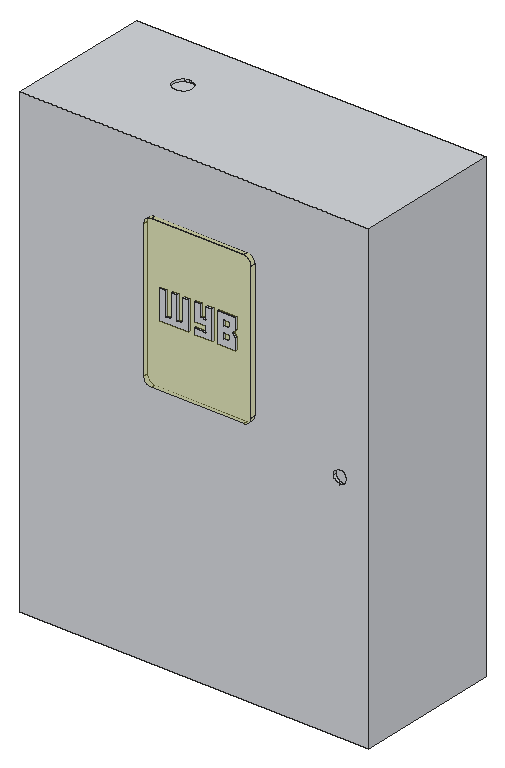
Revit family "ШУВ-Ч-С300", category Оборудование, Revit 2020
Family settings
  Размер круглого соединителя = Использовать диаметр
  Классификация = Нет
  Тип детали = Нормальный
  На основе рабочей плоскости = Нет
  Всегда вертикально = Да
  При загрузке вырезать с полостями = Нет
  Общий = Нет
  Точка расчета площади = Нет
Parameters (values of type "ШУВ-М_АВВ_11-18,5кВт")
  расст замок верт = 400 mm
  Ширина [instance] = 600 mm
  Расст вывода3 от левой стенки = 220 mm
  Расст замок = 550 mm
  Расст вывода2 от левой стенки = 160 mm
  Расст вывода от левой стенки = 100 mm
  Расст вывода от задней стенки = 125 mm
  Расст ПУШ от верхней стенки = 110 mm
  Расст ввод от задней стенки = 100 mm
  Расст ввод от левой стенки = 160 mm
  Расст ПУШ от левой стенки = 220 mm
  Отметка по умолчанию = 0 mm
  Описание = "ШУВ-С300 предназначен для управления одно/трехфазным электродвигателем приточного или вытяжного вентилятора системы противопожарной вентиляции от 0,37 до 200 кВт. Управление осуществляется посредством интегрированного модуля контроля и управления МС322-24, что позволяет использовать шкаф в составе Системы пожарной автоматики и сигнализации «СПРУТ-2», в частности – в составе адресно-аналоговой сигнализации «С300»."
  Назв гориз ПУШ = 120 mm
  Комментарии к типоразмеру = "Ш4/ABB"
  Изготовитель = "ООО \"Плазма-Т\""
  Группа модели = "ШУВ-Ч-С300"
  Глубина [instance] = 250 mm
  Высота [instance] = 800 mm
  URL = "https://plazma-t.ru/"
Types (2, lengths in mm): name | расст замок верт | Ширина | Расст замок | Расст ПУШ от верхней стенки | Расст ввод от левой стенки | Расст ПУШ от левой стенки | Комментарии к типоразмеру | Высота
  ШУВ-М_АВВ_0,37-7,5кВт | 350 | 500 | 450 | 100 | 350 | 110 | "Ш3/ABB" | 700
  ШУВ-М_АВВ_11-18,5кВт | 400 | 600 | 550 | 110 | 160 | 220 | "Ш4/ABB" | 800
Reference planes
  plane 1 "По центру (Вперед/Назад)": y = 0
  plane 2: z = 0
  plane 3 "По центру (Влево/Вправо)": x = 0
  plane 4: y = -9
Forms (mm)
  Extrusion 1, solid
    sketch origin (0, 0, 0) x (1, 0, 0) y (0, 1, 0)
      loop
        line (0, 0) -> (600, 0) -> (600, 250) -> (0, 250) -> (0, 0)
    from 0 to 800
  Extrusion 2, solid, material "Источник света по умолчанию"
    sketch origin (0, 0, 0) x (1, 0, 0) y (0, 0, 1)
      loop
        arc (233, 690) -> (223.808, 686.192) -> (220, 677) r 13
        line (220, 677) -> (220, 443)
        arc (220, 443) -> (223.808, 433.808) -> (233, 430) r 13
        line (233, 430) -> (391.542, 430)
        arc (391.542, 430) -> (400.734, 433.808) -> (404.542, 443) r 13
        line (404.542, 443) -> (404.542, 677)
        arc (404.542, 677) -> (400.734, 686.192) -> (391.542, 690) r 13
        line (391.542, 690) -> (233, 690)
    from 0 to 9
  Extrusion 3, void
    sketch origin (0, 0, 0) x (1, 0, 0) y (0, 0, 1)
      loop
        circle (550, 400) r 11.5
    from 10 to -5.347
  Extrusion 4, void
    sketch origin (0, 0, 800) x (0, 1, 0) y (1, 0, 0)
      loop
        circle (150, 160) r 17
    from 0 to 3
  Extrusion 5, void
    sketch origin (0, 0, 0) x (1, 0, 0) y (0, 1, 0)
      loop
        circle (100, 125) r 17
    from 0 to 3
  Extrusion 6, void
    sketch origin (0, 0, 0) x (1, 0, 0) y (0, 1, 0)
      loop
        circle (160, 125) r 17
    from 0 to 3
  Extrusion 7, void
    sketch origin (0, 0, 0) x (1, 0, 0) y (0, 1, 0)
      loop
        circle (220, 125) r 17
    from 0 to 3
  Extrusion 8, solid
    sketch origin (0, -9, 0) x (1, 0, 0) y (0, 0, 1)
      loop
        line (249.592, 540.393) -> (299.592, 540.393) -> (299.592, 590.393) -> (289.592, 590.393) -> (289.592, 550.393) -> (279.592, 550.393) -> (279.592, 590.393) -> (269.592, 590.393) -> (269.592, 550.393) -> (259.592, 550.393) -> (259.592, 590.393) -> (249.592, 590.393) -> (249.592, 540.393)
      loop
        line (309.592, 590.393) -> (309.592, 560.393) -> (329.592, 560.393) -> (329.592, 550.393) -> (309.592, 550.393) -> (309.592, 540.393) -> (339.592, 540.393) -> (339.592, 590.393) -> (329.592, 590.393) -> (329.592, 570.393) -> (319.592, 570.393) -> (319.592, 590.393) -> (309.592, 590.393)
      loop
        line (349.592, 590.393) -> (349.592, 540.393) -> (379.592, 540.393) -> (379.592, 560.393) -> (374.592, 565.393) -> (379.592, 570.393) -> (379.592, 590.393) -> (349.592, 590.393)
      loop
        line (359.592, 550.393) -> (369.592, 550.393) -> (369.592, 560.393) -> (359.592, 560.393) -> (359.592, 550.393)
      loop
        line (359.592, 580.393) -> (359.592, 570.393) -> (369.592, 570.393) -> (369.592, 580.393) -> (359.592, 580.393)
    from 0 to 3
Cuts and joins
  Extrusion 3, Extrusion 4, Extrusion 5, Extrusion 6, Extrusion 7 cuts Extrusion 1
Dimensions and locks
  "Ширина": Extrusion 1 to Extrusion 1
  "Глубина": Extrusion 1 to Extrusion 1
  "Высота": Extrusion 1 to Extrusion 1
  Extrusion 1 to Extrusion 2 sketch curve = 110 mm
  "Расст ПУШ от верхней стенки": Extrusion 1 to Extrusion 2
  "расст замок верт": Extrusion 1 to Extrusion 3 sketch curve
  "Расст замок": Extrusion 1 to Extrusion 3 sketch curve
  "Расст ввод от левой стенки": Extrusion 4 sketch curve to cut or joined group of Extrusion 1, Extrusion 3, Extrusion 4, Extrusion 5, Extrusion 6, Extrusion 7
  "Расст ввод от задней стенки": cut or joined group of Extrusion 1, Extrusion 3, Extrusion 4, Extrusion 5, Extrusion 6, Extrusion 7 to Extrusion 4 sketch curve
  locked: Extrusion 2 sketch curve to Extrusion 2 sketch curve at 184.542
  locked: Extrusion 2 sketch curve to Extrusion 2 sketch curve at 260
  "Расст ПУШ от левой стенки": cut or joined group of Extrusion 1, Extrusion 3, Extrusion 4, Extrusion 5, Extrusion 6, Extrusion 7 to Extrusion 2 sketch curve
  "Расст вывода от левой стенки": cut or joined group of Extrusion 1, Extrusion 3, Extrusion 4, Extrusion 5, Extrusion 6, Extrusion 7 to Extrusion 5 sketch curve
  "Расст вывода от задней стенки": cut or joined group of Extrusion 1, Extrusion 3, Extrusion 4, Extrusion 5, Extrusion 6, Extrusion 7 to Extrusion 5 sketch curve
  "Расст вывода от задней стенки": cut or joined group of Extrusion 1, Extrusion 3, Extrusion 4, Extrusion 5, Extrusion 6, Extrusion 7 to Extrusion 6 sketch curve
  "Расст вывода2 от левой стенки": cut or joined group of Extrusion 1, Extrusion 3, Extrusion 4, Extrusion 5, Extrusion 6, Extrusion 7 to Extrusion 6 sketch curve
  "Расст вывода от задней стенки": cut or joined group of Extrusion 1, Extrusion 3, Extrusion 4, Extrusion 5, Extrusion 6, Extrusion 7 to Extrusion 7 sketch curve
  "Расст вывода3 от левой стенки": cut or joined group of Extrusion 1, Extrusion 3, Extrusion 4, Extrusion 5, Extrusion 6, Extrusion 7 to Extrusion 7 sketch curve
  cut or joined group of Extrusion 1, Extrusion 3, Extrusion 4, Extrusion 5, Extrusion 6, Extrusion 7 to cut or joined group of Extrusion 1, Extrusion 3, Extrusion 4, Extrusion 5, Extrusion 6, Extrusion 7 = 600 mm
  Extrusion 2 to Extrusion 8 sketch curve = 29.592 mm
  Extrusion 8 sketch curve to Extrusion 8 sketch curve = 90 mm
  Extrusion 8 sketch curve to Extrusion 8 sketch curve = 130 mm
  Extrusion 8 sketch curve to Extrusion 8 sketch curve = 50 mm  (x2)
  Extrusion 8 sketch curve to Extrusion 8 sketch curve = 30 mm  (x2)
  Extrusion 8 sketch curve to Extrusion 2 = 160.393 mm
  diameter of Extrusion 4 sketch curve = 34 mm
  aligned and locked: level to plane 2
  aligned and locked: Extrusion 1 to level
  aligned and locked: Extrusion 1 to plane 3 "По центру (Влево/Вправо)"
  aligned and locked: plane 1 "По центру (Вперед/Назад)" to Extrusion 1
Automatic sketch dimensions
  plane 3 "По центру (Влево/Вправо)" to Extrusion 1 sketch curve = 0 mm
  plane 1 "По центру (Вперед/Назад)" to Extrusion 1 sketch curve = 0 mm
  plane 3 "По центру (Влево/Вправо)" to Extrusion 1 sketch curve = 600 mm
  Extrusion 1 sketch curve to plane 1 "По центру (Вперед/Назад)" = 250 mm
  Extrusion 8 sketch curve to Extrusion 8 sketch curve = 10 mm  (x22)
  Extrusion 8 sketch curve to Extrusion 8 sketch curve = 0 mm  (x6)
  Extrusion 8 sketch curve to Extrusion 8 sketch curve = 40 mm
  Extrusion 8 sketch curve to Extrusion 8 sketch curve = 20 mm
  Extrusion 8 sketch curve to Extrusion 8 sketch curve = 5 mm  (x2)
  Extrusion 2 sketch curve to Extrusion 2 sketch curve = 13 mm  (x4)
  radius of Extrusion 3 sketch curve = 11.5 mm
  radius of Extrusion 5 sketch curve = 17 mm
  radius of Extrusion 6 sketch curve = 17 mm
  radius of Extrusion 7 sketch curve = 17 mm
Connectors
  electrical at (160, 150, 797)
    settings: on cut or joined group of Extrusion 1, Extrusion 3, Extrusion 4, Extrusion 5, Extrusion 6, Extrusion 7, index 1, voltage 0 V, apparent load 0 VA, apparent load phase1 0 VA, apparent load phase2 0 VA, apparent load phase3 0 VA, power factor 1, load classification "Прочее", number of poles 1, system type 30, power factor state 1, is connector primary yes, connector utility no, sub classification motor no, connector description "380V"
  electrical at (100, 125, 3)
    settings: on cut or joined group of Extrusion 1, Extrusion 3, Extrusion 4, Extrusion 5, Extrusion 6, Extrusion 7, index 2, voltage 0 V, apparent load 0 VA, apparent load phase1 0 VA, apparent load phase2 0 VA, apparent load phase3 0 VA, power factor 1, load classification "Прочее", number of poles 1, system type 9, power factor state 1, is connector primary no, connector utility no, sub classification motor no, connector description "вход1"
  electrical at (160, 125, 3)
    settings: on cut or joined group of Extrusion 1, Extrusion 3, Extrusion 4, Extrusion 5, Extrusion 6, Extrusion 7, index 3, voltage 0 V, apparent load 0 VA, apparent load phase1 0 VA, apparent load phase2 0 VA, apparent load phase3 0 VA, power factor 1, load classification "Прочее", number of poles 1, system type 9, power factor state 1, is connector primary no, connector utility no, sub classification motor no, connector description "вход2"
